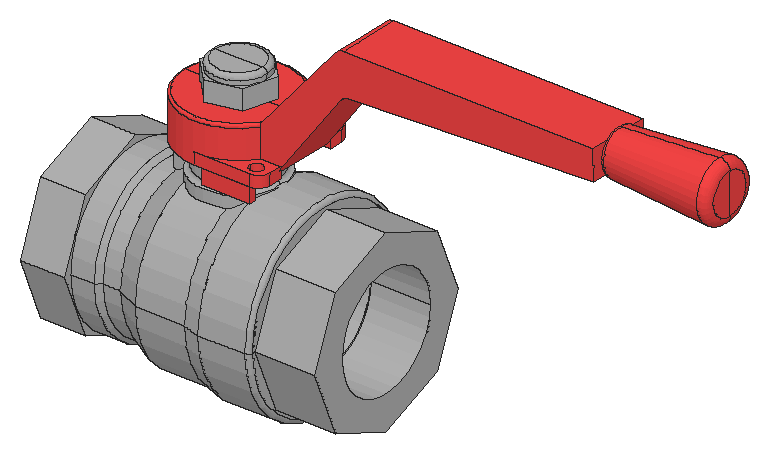
Revit family "QA01610000", category Apparecchi idraulici, Revit 2016
Family settings
  Tipo di parte = Normale
  Quota connettore circolare = Usa diametro
  Numero OmniClass = 23.45.00.00
  Titolo OmniClass = Sanitary, Laundry, and Cleaning Equipment
  Basato su piano di lavoro = No
  Sempre verticale = Sì
  Taglio con vuoti quando caricato = No
  Condiviso = No
  Punto di calcolo locali = No
Parameters
  URL = "https://web.cimberio.it/index.php/figura/798?subcategoria_id=41693"
  DN Model [instance] = QA01611025 : QA01611025
  DN [instance] = 25 mm
Reference planes
  plane 1 "Centro (Fronte/Retro)": y = 0
  plane 2: z = 0
  plane 3 "Centro (Sinistra/Destra)": x = 0
Dimensions and locks
  aligned and locked: level to plane 2
Nested families
  nested 1: "QA01611025" at (0, 0, 0), type <- "DN Model", type "QA01611025"
  nested 2: "QA01611025" at (0, 0, 0), type <- "DN Model", type "QA01611025"
  nested 3: "QA01611025" at (0, 0, 0), type <- "DN Model", type "QA01611025"
  nested 4: "QA01611025" at (0, 0, 0), type <- "DN Model", type "QA01611025"
  nested 5: "QA01611025" at (0, 0, 0), type <- "DN Model", type "QA01611025"
  nested 6: "QA01611025" at (0, 0, 0), type <- "DN Model", type "QA01611025"
Connectors
  piping at (33, 0, 0), diameter 25, driven by "DN"
    settings: on nested 1, index 1, connector inside diameter 609.6 mm, connector length 0 mm, flow factor 0, pipe flow 0.0 L/s, pressure drop 0.0 Pa, fitting loss kfactor 0, connector angle 0.00°, fixture units 0, engagement length 0 mm, angle of deflection 0.00°, flow configuration 0, flow direction 0, fitting loss method 0, system type 7, joint type 0, gender type 0, connector reference index -1, connector utility 0, adjustable connector no, is connector primary yes, connector description ""
  piping at (-33, 0, 0), diameter 25, driven by "DN"
    settings: on nested 1, index 2, connector inside diameter 609.6 mm, connector length 0 mm, flow factor 0, pipe flow 0.0 L/s, pressure drop 0.0 Pa, fitting loss kfactor 0, connector angle 0.00°, fixture units 0, engagement length 0 mm, angle of deflection 0.00°, flow configuration 0, flow direction 0, fitting loss method 0, system type 7, joint type 0, gender type 0, connector reference index -1, connector utility 0, adjustable connector no, is connector primary no, connector description ""
Definition of nested family "QA01611025"
  Reference planes
    plane 1 "Centro (Fronte/Retro)": y = 0
    plane 2: z = 0
    plane 3 "Centro (Sinistra/Destra)": x = 0
  Forms (mm)
    Revolve 1, solid
      sketch origin (0, 0, -0.938) x (1, 0, 0) y (0, 0, 1)
        loop
          line (0.065, 28.2) -> (-8.62, 28.2) -> (-8.62, 23.24)
          arc (-8.62, 23.24) -> (-8.917, 22.525) -> (-9.631, 22.229) r 1.011
          line (-9.631, 22.229) -> (-9.631, 19.618) -> (0.065, 19.618) -> (0.065, 28.2)
        axis (0.065, 19.618) -> (0.065, 28.2)
      angle from 0 to 360
    Extrusion 2, solid
      sketch origin (0, 0, -2.812) x (1, 0, 0) y (0, 0, 1)
        loop
          line (-8, 29.5) -> (-13.5, 29.5) -> (-13.5, 20.682)
          arc (-13.5, 20.682) -> (-12.936, 20.109) -> (-12.174, 19.851) r 1.741
          line (-12.174, 19.851) -> (-8, 19.851) -> (-8, 29.5)
      from -1.5 to 1.5
    Revolve 3, solid
      sketch origin (0, 0, 0) x (1, 0, 0) y (0, 0, 1)
        loop
          line (0, 32.842) -> (-8, 32.842) -> (-8, 26.688) -> (0, 26.688) -> (0, 32.842)
        axis (0, 32.842) -> (0, 26.688)
      angle from 0 to 360
    Revolve 4, solid
      sketch origin (0, 0, -1.504) x (1, 0, 0) y (0, 0, 1)
        loop
          line (0, 38.5) -> (-12, 38.5)
          arc (-12, 38.5) -> (-12.403, 38.267) -> (-12.5, 37.812) r 0.574
          line (-12.5, 37.812) -> (-12.5, 29) -> (0, 29) -> (0, 38.5)
        axis (0, 38.5) -> (0, 29)
      angle from 0 to 360
    Extrusion 5, solid
      sketch origin (0, 0, -1.504) x (1, 0, 0) y (0, 1, 0)
        loop
          arc (0, 12.5) -> (5.863, 11.04) -> (10.356, 7) r 12.5
          line (10.356, 7) -> (15, 7) -> (15, 9.999)
          arc (15, 9.999) -> (14.268, 11.767) -> (12.5, 12.5) r 2.5
          line (12.5, 12.5) -> (0, 12.5)
        loop
          line (0, -12.5) -> (12.5, -12.5)
          arc (12.5, -12.5) -> (14.268, -11.767) -> (15, -9.999) r 2.5
          line (15, -9.999) -> (15, -7) -> (10.356, -7)
          arc (10.356, -7) -> (5.863, -11.04) -> (0, -12.5) r 12.5
        loop
          circle (12, 10) r 1.5
        loop
          circle (12, -10) r 1.5
      from 29 to 31.5
    Extrusion 6, solid
      sketch origin (0, 0, -1.504) x (1, 0, 0) y (0, 1, 0)
        loop
          line (12.397, -12.5) -> (12.397, -10.9) -> (1.6, -10.9) -> (1.6, -12.5) -> (12.397, -12.5)
      from 25.5 to 29
    Extrusion 7, solid
      sketch origin (0, 0, 0) x (1, 0, 0) y (0, 1, 0)
        loop
          line (12.397, 12.5) -> (1.6, 12.5) -> (1.6, 10.9) -> (12.397, 10.9) -> (12.397, 12.5)
      from 25.5 to 29
    Extrusion 8, solid
      sketch origin (0, 0, -0.938) x (0.951057, -0.309017, 0) y (0.309017, 0.951057, 0)
        loop
          line (-0.192, 7.499) -> (-6.59, 3.583) -> (-6.399, -3.916) -> (0.192, -7.499) -> (6.59, -3.583) -> (6.399, 3.916) -> (-0.192, 7.499)
      from 37.934 to 42.435
    Revolve 9, solid
      sketch origin (0, 0, -1.562) x (1, 0, 0) y (0, 0, 1)
        loop
          arc (-5.25, 45) -> (-5.957, 44.707) -> (-6.25, 44) r 1
          line (-6.25, 44) -> (-6.25, 43) -> (0, 43) -> (0, 45) -> (-5.25, 45)
        axis (0, 45) -> (0, 43)
      angle from 0 to 360
    Extrusion 10, solid
      sketch origin (0, 0, -1.484) x (1, 0, 0) y (0, 0, 1)
        loop
          line (10.356, 38.239) -> (10.356, 29.654) -> (14.118, 29.654) -> (28.704, 49.682)
          arc (28.704, 49.682) -> (29.406, 50.296) -> (30.306, 50.545) r 2.1
          line (30.306, 50.545) -> (85.121, 53.005) -> (84.946, 59.5) -> (29.02, 59.5)
          arc (29.02, 59.5) -> (28.132, 59.303) -> (27.411, 58.75) r 2.1
          line (27.411, 58.75) -> (10.356, 38.239)
      from -7 to 7
    Revolve 11, solid
      sketch origin (0, 0, -1.484) x (1, 0, 0) y (0, 0, 1)
        loop
          arc (85.745, 61.288) -> (85.215, 61.036) -> (85, 60.49) r 0.8
          line (85, 60.49) -> (84.499, 59.5) -> (84.499, 56.253) -> (110, 56.253) -> (110, 60.825)
          arc (110, 60.825) -> (109.356, 62.297) -> (107.836, 62.82) r 2
          line (107.836, 62.82) -> (85.745, 61.288)
        axis (84.499, 56.253) -> (110, 56.253)
      angle from 0 to 360
    Revolve 12, solid
      sketch origin (0, 0, 0) x (1, 0, 0) y (0, 1, 0)
        loop
          line (-17.5, 18.5) -> (-23, 18.5) -> (-23, 12.5) -> (19.5, 12.5) -> (19.5, 20.5)
          arc (19.5, 20.5) -> (19.207, 21.207) -> (18.5, 21.5) r 1
          line (18.5, 21.5) -> (8, 21.5) -> (4.081, 20.45) -> (-6.85, 20.45) -> (-12.6, 17.5) -> (-16.5, 17.5) -> (-17.5, 18.5)
        axis (-23, 0) -> (19.5, 0)
      angle from 0 to 360
    Extrusion 13, solid
      sketch origin (0, 0, 0) x (0, 1, 0) y (0, 0, 1)
        loop
          circle (0, 0) r 12.5
        loop
          line (0, 20) -> (-14.142, 14.142) -> (-20, 0) -> (-14.142, -14.142) -> (0, -20) -> (14.142, -14.142) -> (20, 0) -> (14.142, 14.142) -> (0, 20)
      from -33 to -23
    Extrusion 14, solid
      sketch origin (0, 0, 0) x (0, 1, 0) y (0, 0, -1)
        loop
          circle (0, 0) r 12.5
        loop
          line (0, -20) -> (14.142, -14.142) -> (20, 0) -> (14.142, 14.142) -> (0, 20) -> (-14.142, 14.142) -> (-20, 0) -> (-14.142, -14.142) -> (0, -20)
      from -33 to -19.5
  Cuts and joins
    joined: Revolve 1, Extrusion 2
  Dimensions and locks
    aligned and locked: level to plane 2
